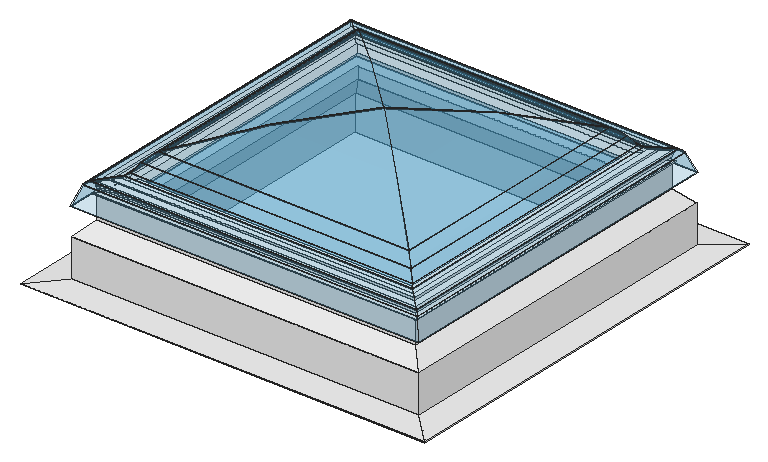
Revit family "CSP_Ver.2.5", category Windows, host Roof, Revit 2014
Parameters (values of type "CSP size 1200x1200 (120120)")
  g-value = "0.53"
  Youtube clip = ""
  Within Standard Sizes = or(and(Width = 1180.000 mm, Height = 1180.000 mm), and(Width = 1380.000 mm, Height = 1380.000 mm))  # yes
  WindowArea m² = 3.78
  Width Dome = Width - 180.000 mm  # 1200.000 mm
  Width = 1380.000 mm
  Water Tightness Class = "Passed"
  WarrantyStartDate = ""
  WarrantyGuarantorParts = ""
  WarrantyGuarantorLabour = ""
  WarrantyDurationParts = ""
  WarrantyDurationLabour = ""
  WarrantyDescription = ""
  Warranty Years = "10"
  VELUX Internal accessories = ""
  VELUX Installation products = ""
  VELUX External accessories = ""
  Ultraviolet Transmittance = "0.05"
  URL = "www.velux.com"
  ThermalTransmittance(window) W/(m²K) = 1
  ThermalTransmittance(glazing) W/(m²K) = 0.9
  ThermalTransmittance = "1"
  ThermalBridge(Installation) W/mK = 0.05
  Thermal Resistance (R) = "1"
  Technical description = "http://www.velux.co.uk/professional/products/flat-roof-windows/flat-roof-windows-dome/technical-details-smoke"
  TagNumber = ""
  SustainabilityPerformance = ""
  Specification Link = ""
  Sound Insulation db = "33"
  SmokeStop = no
  Size = "CSP size 1200x1200 (120120)"
  Shape = ""
  ServiceLifeType = ""
  ServiceLifeDuration = ""
  SerialNumber = ""
  SecurityRating = ""
  Rough Width = 0.000 mm
  Rough Height = 0.000 mm
  ReplacementCost = ""
  ReferenceStandard = "www.velux.com/ce"
  Reference = ""
  ProductionYear = ""
  Product certification = "www.velux.com/ce"
  Process = ""
  Placement Height = 0.000 mm
  PerimeterWindow m = 4.8
  Operation Mode = "0"
  Opening Lines = yes
  Opening = if(Open Window, 500.000 mm, 159.380 mm)  # 159.380 mm
  Open Window = no
  Offset from Roof = Placement Height + 600.000 mm  # 600.000 mm
  NominalWidth = "1380"
  NominalLength = ""
  NominalHeight = "1380"
  ModelReference = "CSP size 1200x1200 (120120)"
  ModelLabel = ""
  Model = "Flat roof window - CSP"
  MethodOfMeasurement = ""
  Material Internal = PVC Color NCS S 0502-Y
  Material External = Acrylic/PVC Color NCS S 0502-Y
  Material = "Acrylic/PVC Color NCS S 0502-Y"
  Manufacturer URL = "www.VELUX.com/ce"
  Manufacturer = "VELUX A/S"  # constant formula
  Light transmittance = "0.72"
  LifeCyclePhase = ""
  Labeling - Environmental impact = ""
  IsExternal = yes
  InstallationDate = ""
  Installation instructions = "http://www.velux.co.uk/professional/products/installation-instructions#Flat roof windows"
  Infiltration = ""
  Height Dome = Height - 180.000 mm  # 1200.000 mm
  Height = 1380.000 mm
  Half Width = (Width / 2) - 2.510 mm  # 687.490 mm
  Half Height = (Height / 2) - 2.510 mm  # 687.490 mm
  Grade = ""
  GlazingAreaFraction = ""
  Glazing = 73FQT + ISD 0000
  GlassArea m² = 1.57
  Function = "Smoke ventilation flat roof window"
  FireRating = "E"
  Finish = "PVC Color NCS S 0502-Y"
  Features = "Smoke ventilation flat roof window"
  Emergency Exit = 1 > 2  # no
  Dome Profile Length = if((Half Width < Half Height), Half Width, Half Height)  # 687.490 mm
  Documentation = "http://www.professional.velux.co.uk/en-GB/Documents/Technical%20Specification%20sheets/V22%20Architects%20sheets%20updated/VELUX_Architects-Flat-Roof-SmokeVent-April2014.pdf"
  DocumentReference = ""
  Disclaimer = "When installing VELUX roof windows the costumer must make sure to meet local applicable building and fire requirements. VELUX shall not be liable for the objects/drawings and the constructional quality of the installation. Please contact VELUX for technical specifications of VELUX roof windows, flashings, installations products and internal/external accessories."
  Description = "http://www.velux.co.uk/products/flat-roof-windows/flat-roof-windows-dome"
  Date of publishing = ""
  Cross Height = Opening - 73.723 mm  # 85.657 mm
  Count = "1"
  Copyright = "VELUX A/S"  # constant formula
  Constituents = ""
  Colour = "Acrylic/PVC Color NCS S 0502-Y"
  CodePerformance = ""
  BarCode = ""
  AssetIdentifier = ""
  Assembly Code = "B3020110"
  Allowed Roof Slope = "0°-15°"
  Air permeability Class = "4"
  Aerodynamic free area Aa (m2) = "0.58"
  AcousticRating = "33"
  AccessibilityPerformance = ""
  2d details = "http://www.velux.co.uk/professional/products/cad-bim/product-sectional-drawings/flat-roof-windows"
Types (2, lengths in mm): name | WindowArea m² | Width Dome | Width | Size | PerimeterWindow m | NominalWidth | NominalHeight | ModelReference | Height Dome | Height | Half Width | Half Height | GlassArea m² | Dome Profile Length | Aerodynamic free area Aa (m2)
  CSP size 1000x1000 (100100) | 2.88 | 1000.000 | 1180.000 | "CSP size 1000x1000 (100100)" | 4 | "1180" | "1180" | "CSP size 1000x1000 (100100)" | 1000.000 | 1180.000 | 587.490 | 587.490 | 1.05 | 587.490 | "0.42"
  CSP size 1200x1200 (120120) | 3.78 | 1200.000 | 1380.000 | "CSP size 1200x1200 (120120)" | 4.8 | "1380" | "1380" | "CSP size 1200x1200 (120120)" | 1200.000 | 1380.000 | 687.490 | 687.490 | 1.57 | 687.490 | "0.58"
Reference planes
  plane 1 "Center (Front/Back)": y = 0
  plane 2 "Roof": z = 4000
  plane 3 "Center (Left/Right)": x = 0
  plane 4: x = -600
  plane 5: y = 600
  plane 6: x = 600
  plane 7: y = -600
  plane 8 "Roof Top": z = 4150
  plane 9: z = 4310
  plane 10: x = -563.153
  plane 11: x = 563.153
  plane 12: z = 4392.99
  plane 13: x = -610.501
  plane 14: x = 610.501
  plane 15: x = -587.399
  plane 16: x = -595.501
  plane 17: x = 587.399
  plane 18: x = 595.501
  plane 19: x = -591.45
  plane 20: x = 591.45
  plane 21: y = 587.424
  plane 22: y = 595.501
  plane 23: y = 591.463
  plane 24: y = -587.424
  plane 25: y = -595.501
  plane 26: y = -591.463
  plane 27: z = 4478.647
  plane 28: x = -500
  plane 29: x = 100
  plane 30: x = -100
  plane 31: x = 500
  plane 32: y = 500
  plane 33: y = -500
  plane 34: y = 100
  plane 35: y = -100
  plane 36 "Placement Height": z = 4150
  plane 37: x = -690
  plane 38: x = 690
  plane 39: y = 690
  plane 40: y = -690
  plane 41: y = -600
  plane 42: z = 4416.862
  plane 43: z = 4453.38
  plane 44 "Lines": x = 429.263
  plane 45: z = 4750
  plane 46 "1": y = 537.4
  plane 47 "2": y = -537.4
  plane 48 "4": x = 537.4
  plane 49 "3": x = -537.4
  plane 50 "A": y = 519.235
  plane 51 "B": y = -519.235
  plane 52 "D": x = 519.235
  plane 53 "C": x = -519.235
Forms (mm)
  Sweep 1, solid, material "Acrylic/PVC Color NCS S 0502-Y" <- "Material External", detail levels fine
    path origin (-583.5, -142.744, 4310) x (-1, 0, 0) y (0, -1, 0)
      loop
        line (-1183.5, 457.256) -> (-1183.5, -742.744) -> (16.5, -742.744) -> (16.5, 457.256) -> (-1183.5, 457.256)
    profile origin (600, 0, 4310) x (-1, 0, 0) y (0, 0, 1)
      loop
        line (29.543, 0) -> (69.194, 82.99) -> (4.499, 82.99) -> (4.499, 157.08)
        arc (4.499, 157.08) -> (3.427, 159.378) -> (0.978, 160.035) r 3
        line (0.978, 160.035) -> (-44.675, 151.985) -> (-44.501, 150) -> (-36.501, 150) -> (-36.501, 54.661) -> (-90, 0) -> (29.543, 0)
  Sweep 2, solid, material "Acrylic/PVC Color NCS S 0502-Y" <- "Material External", detail levels fine
    path origin (-1773.7, -4572, 4150) x (-1, 0, 0) y (0, -1, 0)
      loop
        line (-1179.7, -5166) -> (-1179.7, -3978) -> (-2367.7, -3978) -> (-2367.7, -5166) -> (-1179.7, -5166)
    profile origin (0, 594, 4150) x (0, 1, 0) y (0, 0, 1)
      loop
        line (2, 160) -> (2, 0) -> (211, 0) -> (211, 3) -> (96, 9.708) -> (96, 160) -> (2, 160)
  Sweep 3, solid, material "Acrylic/PVC Color NCS S 0502-Y" <- "Material External", detail levels fine
    path origin (0, 0, 0) x (1, 0, 0) y (0, 0, 1)
      loop
        line (-563.153, 4478.647) -> (-563.153, 4460)
    profile origin (-563.153, 0, 4469.324) x (0, -1, 0) y (1, 0, 0)
      loop
        circle (0, -47.348) r 7.5
  Sweep 4, solid, material "Acrylic/PVC Color NCS S 0502-Y" <- "Material External", detail levels fine
    path origin (0, 0, 0) x (1, 0, 0) y (0, 0, 1)
      loop
        line (563.153, 4478.647) -> (563.153, 4460)
    profile origin (563.153, 0, 4469.324) x (0, -1, 0) y (1, 0, 0)
      loop
        circle (0, 47.348) r 7.5
  Sweep 5, solid, material "Acrylic/PVC Color NCS S 0502-Y" <- "Material External", detail levels medium+fine
    path origin (0, -595.501, 4392.99) x (0, 0, -1) y (-1, 0, 0)
      loop
        line (-85.657, -500) -> (0, 100)
    profile origin (200, -595.501, 4435.818) x (0.141329, 0, -0.989963) y (0, -1, 0)
      loop
        line (10, -2) -> (10, 2) -> (-10, 2) -> (-10, -2) -> (10, -2)
  Sweep 6, solid, material "Acrylic/PVC Color NCS S 0502-Y" <- "Material External", detail levels medium+fine
    path origin (0, -595.501, 4392.99) x (0, 0, -1) y (-1, 0, 0)
      loop
        line (-85.657, 100) -> (0, -500)
    profile origin (200, -595.501, 4435.818) x (0.141329, 0, 0.989963) y (0, -1, 0)
      loop
        line (10, -6) -> (10, -2) -> (-10, -2) -> (-10, -6) -> (10, -6)
  Sweep 7, solid, material "Acrylic/PVC Color NCS S 0502-Y" <- "Material External", detail levels medium+fine
    path origin (0, 595.501, 4392.99) x (0, 0, -1) y (-1, 0, 0)
      loop
        line (-85.657, -100) -> (0, 500)
    profile origin (-200, 595.501, 4435.819) x (-0.141329, 0, 0.989963) y (0, 1, 0)
      loop
        line (10, -2) -> (10, 2) -> (-10, 2) -> (-10, -2) -> (10, -2)
  Sweep 8, solid, material "Acrylic/PVC Color NCS S 0502-Y" <- "Material External", detail levels medium+fine
    path origin (0, 595.501, 4392.99) x (0, 0, -1) y (-1, 0, 0)
      loop
        line (-85.657, 500) -> (0, -100)
    profile origin (-200, 595.501, 4435.819) x (-0.141329, 0, -0.989963) y (0, 1, 0)
      loop
        line (-10, -6) -> (10, -6) -> (10, -2) -> (-10, -2) -> (-10, -6)
  Sweep 9, solid, material "Acrylic/PVC Color NCS S 0502-Y" <- "Material External", detail levels medium+fine
    path origin (-595.501, -4572, 4457.99) x (0, 0, 1) y (0, -1, 0)
      loop
        line (20.657, -4672) -> (-65, -4072)
    profile origin (-595.501, -200, 4435.819) x (0, 0.141329, -0.989963) y (1, 0, 0)
      loop
        line (-10, 2) -> (-10, -2) -> (10, -2) -> (10, 2) -> (-10, 2)
  Sweep 10, solid, material "Acrylic/PVC Color NCS S 0502-Y" <- "Material External", detail levels medium+fine
    path origin (-595.501, -4572, 4457.99) x (0, 0, 1) y (0, -1, 0)
      loop
        line (20.657, -4072) -> (-65, -4672)
    profile origin (-595.501, -200, 4435.819) x (0, 0.141329, 0.989963) y (1, 0, 0)
      loop
        line (10, 6) -> (-10, 6) -> (-10, 2) -> (10, 2) -> (10, 6)
  Sweep 11, solid, material "Acrylic/PVC Color NCS S 0502-Y" <- "Material External", detail levels medium+fine
    path origin (595.501, -4572, 4457.99) x (0, 0, 1) y (0, -1, 0)
      loop
        line (20.657, -5072) -> (-65, -4472)
    profile origin (595.501, 200, 4435.819) x (0, -0.141329, 0.989963) y (-1, 0, 0)
      loop
        line (-10, 2) -> (-10, -2) -> (10, -2) -> (10, 2) -> (-10, 2)
  Sweep 12, solid, material "Acrylic/PVC Color NCS S 0502-Y" <- "Material External", detail levels medium+fine
    path origin (595.501, -4572, 4457.99) x (0, 0, 1) y (0, -1, 0)
      loop
        line (20.657, -4472) -> (-65, -5072)
    profile origin (595.501, 200, 4435.819) x (0, -0.141329, -0.989963) y (-1, 0, 0)
      loop
        line (-10, 6) -> (-10, 2) -> (10, 2) -> (10, 6) -> (-10, 6)
  Sweep 13, solid, material "Acrylic/PVC Color NCS S 0502-Y" <- "Material External", detail levels medium
    path origin (-583.5, -142.744, 4310) x (-1, 0, 0) y (0, -1, 0)
      loop
        line (-1183.5, 457.256) -> (-1183.5, -742.744) -> (16.5, -742.744) -> (16.5, 457.256) -> (-1183.5, 457.256)
    profile origin (600, 0, 4310) x (-1, 0, 0) y (0, 0, 1)
      loop
        line (29.543, 0) -> (69.194, 82.99) -> (4.499, 82.99) -> (4.499, 160.655) -> (-36.501, 153.426) -> (-36.501, 54.661) -> (-90, 0) -> (29.543, 0)
  Sweep 14, solid, material "Acrylic/PVC Color NCS S 0502-Y" <- "Material External", detail levels coarse+medium
    path origin (-1773.7, -4572, 4150) x (-1, 0, 0) y (0, -1, 0)
      loop
        line (-1179.7, -5166) -> (-1179.7, -3978) -> (-2367.7, -3978) -> (-2367.7, -5166) -> (-1179.7, -5166)
    profile origin (0, 594, 4150) x (0, 1, 0) y (0, 0, 1)
      loop
        line (2, 160) -> (2, 0) -> (96, 0) -> (96, 160) -> (2, 160)
  Sweep 15, solid, material "Acrylic/PVC Color NCS S 0502-Y" <- "Material External", detail levels coarse
    path origin (-583.5, -142.744, 4310) x (-1, 0, 0) y (0, -1, 0)
      loop
        line (-1183.5, 457.256) -> (-1183.5, -742.744) -> (16.5, -742.744) -> (16.5, 457.256) -> (-1183.5, 457.256)
    profile origin (600, 0, 4310) x (-1, 0, 0) y (0, 0, 1)
      loop
        line (80.737, 0) -> (80.737, 143.38) -> (47.486, 143.38) -> (47.486, 167.17) -> (80.737, 167.17) -> (80.737, 205.137) -> (49.38, 205.137) -> (-36.501, 189.994) -> (-36.501, 54.661) -> (-90, 0) -> (80.737, 0)
  Extrusion 16, solid, material "73FQT + ISD 0000" <- "Glazing", detail levels coarse
    sketch origin (-692.686, -4572, 4453.38) x (-1, 0, 0) y (0, -1, 0)
      loop
        line (-1245.2, -5124.514) -> (-140.172, -5124.514) -> (-140.172, -4109.486) -> (-1245.2, -4109.486) -> (-1245.2, -5124.514)
    from 0 to 23.79
  Sweep 17, solid, material "73FQT + ISD 0000" <- "Glazing", detail levels coarse
    path origin (550.62, -550.62, 4515.137) x (0, 1, 0) y (-1, 0, 0)
      loop
        line (-49.38, 1150.62) -> (-49.38, -49.38) -> (1150.62, -49.38) -> (1150.62, 1150.62) -> (-49.38, 1150.62)
    profile origin (-600, 0, 4515.137) x (-1, 0, 0) y (0, 0, 1)
      loop
        line (96.42, -98.276) -> (69.432, -24.126)
        arc (69.432, -24.126) -> (63.494, -15.646) -> (54.111, -11.27) r 20
        line (54.111, -11.27) -> (-22.771, 2.286)
        arc (-22.771, 2.286) -> (-30.044, 5.114) -> (-35.681, 10.511) r 20
        line (-35.681, 10.511) -> (-59.756, 44.893)
        arc (-59.756, 44.893) -> (-72.91, 60.144) -> (-88.854, 72.45) r 100
        arc (-88.854, 72.45) -> (-339.848, 140.216) -> (-597.49, 175.013) r 2009.671
        line (-597.49, 175.013) -> (-597.49, 171.971)
        arc (-597.49, 171.971) -> (-340.441, 137.239) -> (-90.02, 69.641) r 2006.636
        arc (-90.02, 69.641) -> (-74.794, 57.796) -> (-62.213, 43.172) r 97
        line (-62.213, 43.172) -> (-38.138, 8.79)
        arc (-38.138, 8.79) -> (-31.656, 2.584) -> (-23.292, -0.668) r 23
        line (-23.292, -0.668) -> (53.59, -14.225)
        arc (53.59, -14.225) -> (61.566, -17.944) -> (66.613, -25.152) r 17
        line (66.613, -25.152) -> (93.228, -98.276) -> (96.42, -98.276)
  Extrusion 18, solid, material "73FQT + ISD 0000" <- "Glazing", detail levels coarse
    sketch origin (550.62, -550.62, 4515.137) x (0, 1, 0) y (-1, 0, 0)
      loop
        line (548.11, 553.13) -> (548.11, 548.11) -> (553.13, 548.11) -> (553.13, 553.13) -> (548.11, 553.13)
    from 171.971 to 175.013
Lines and regions (mm)
  Opening 1
    outline origin (0, 0, 4150) x (0, 1, 0) y (-1, 0, 0)
      loop
        line (590, 590) -> (-590, 590) -> (-590, -590) -> (590, -590) -> (590, 590)
  reference lines
    curve 1: line (837.314, 0, 4309.113) -> (-600, 0, 4309.113)
    curve 2: line (637.314, 0, 4309.113) -> (637.314, 0, 4499.375)
    curve 3: line (637.314, 0, 4000) -> (637.314, 600, 4000)
    curve 4: line (837.314, 0, 4309.113) -> (-57.38, 0, 4309.113)
    curve 5: line (500, -595.501, 4478.647) -> (-100, -595.501, 4392.99)
    curve 6: line (-100, -595.501, 4478.647) -> (500, -595.501, 4392.99)
    curve 7: line (-500, 595.501, 4478.647) -> (100, 595.501, 4392.99)
    curve 8: line (100, 595.501, 4478.647) -> (-500, 595.501, 4392.99)
    curve 9: line (-595.501, -500, 4478.647) -> (-595.501, 100, 4392.99)
    curve 10: line (-595.501, 100, 4478.647) -> (-595.501, -500, 4392.99)
    curve 11: line (595.501, 500, 4478.647) -> (595.501, -100, 4392.99)
    curve 12: line (595.501, -100, 4478.647) -> (595.501, 500, 4392.99)
  symbolic lines, visible <- "Opening Lines", detail levels coarse
    curve 13: line (519.235, 519.235, 4000) -> (-519.235, -519.235, 4000)
    curve 14: line (-519.235, 519.235, 4000) -> (519.235, -519.235, 4000)
  symbolic lines, visible <- "Opening Lines", detail levels medium+fine
    curve 15: line (-537.4, -537.4, 4000) -> (537.4, 537.4, 4000)
    curve 16: line (-537.4, 537.4, 4000) -> (537.4, -537.4, 4000)
  model lines, visible <- "Opening Lines", detail levels coarse
    curve 17: line (-519.235, 519.235, 4477.17) -> (519.235, -519.235, 4477.17)
    curve 18: line (-519.235, -519.235, 4477.17) -> (519.235, 519.235, 4477.17)
Dimensions and locks
  equal spacing: host sketch curve, plane 3 "Center (Left/Right)", host sketch curve
  equal spacing: host sketch curve, plane 1 "Center (Front/Back)", host sketch curve
  equal spacing: plane 4, plane 3 "Center (Left/Right)", plane 6
  "Width": plane 37 to plane 38
  equal spacing: plane 5, plane 1 "Center (Front/Back)", plane 7
  "Height": plane 39 to plane 40
  locked: plane 6 to curve 3 at 37.314
  locked: curve 2 to plane 6 at 37.314
  locked: host roof to plane 8 "Roof Top"
  locked: plane 4 to plane 10 at 36.847
  locked: plane 6 to plane 11 at 36.847
  locked: plane 13 to plane 4 at 10.501
  locked: plane 14 to plane 6 at 10.501
  plane 4 to plane 16 to plane 15 = 4.499 mm locked, 8.102 mm locked
  plane 6 to plane 18 to plane 17 = 4.499 mm locked, 8.102 mm locked
  equal spacing: plane 15, plane 19, plane 16
  equal spacing: plane 17, plane 20, plane 18
  plane 5 to plane 22 to plane 21 = 4.499 mm locked, 8.077 mm locked
  equal spacing: plane 22, plane 23, plane 21
  plane 24 to plane 25 to plane 7 = 8.077 mm locked, 4.499 mm locked
  equal spacing: plane 24, plane 26, plane 25
  "Cross Height": plane 27 to plane 12
  locked: plane 4 to plane 28 at 100
  locked: plane 29 to plane 3 "Center (Left/Right)" at 100
  locked: plane 3 "Center (Left/Right)" to plane 30 at 100
  locked: plane 6 to plane 31 at 100
  locked: plane 5 to plane 32 at 100
  locked: plane 33 to plane 7 at 100
  locked: plane 34 to plane 1 "Center (Front/Back)" at 100
  locked: plane 1 "Center (Front/Back)" to plane 35 at 100
  locked: plane 9 to plane 36 "Placement Height" at 160
  locked: plane 12 to plane 36 "Placement Height" at 242.99
  locked: plane 37 to plane 4 at 90
  locked: plane 6 to plane 38 at 90
  locked: plane 39 to plane 5 at 90
  locked: plane 40 to plane 7 at 90
  locked: Sweep 14 sketch curve to plane 22 at 1.501
  locked: plane 25 to Sweep 14 sketch curve at 1.501
  locked: Sweep 14 sketch curve to plane 18 at 1.501
  locked: plane 16 to Sweep 14 sketch curve at 1.501
  "Dome Profile Length": plane 37 to Sweep 17 sketch curve
  locked: Opening 1 sketch curve to plane 7 at 10
  locked: plane 5 to Opening 1 sketch curve at 10
  locked: plane 4 to Opening 1 sketch curve at 10
  locked: Opening 1 sketch curve to plane 6 at 10
  locked: Extrusion 16 sketch curve to plane 38 at 137.486
  locked: plane 37 to Extrusion 16 sketch curve at 137.486
  locked: plane 39 to Extrusion 16 sketch curve at 137.486
  locked: Extrusion 16 sketch curve to plane 41 at 137.486
  locked: plane 43 to plane 36 "Placement Height" at 303.38
  locked: plane 45 to plane 36 "Placement Height" at 600
  "Offset from Roof": plane 45 to host roof
  "Opening": nested 1 to plane 9
  locked: plane 39 to plane 46 "1" at 152.6
  locked: plane 40 to plane 47 "2" at 152.6
  locked: plane 48 "4" to plane 38 at 152.6
  locked: plane 37 to plane 49 "3" at 152.6
  locked: plane 52 "D" to plane 38 at 170.765
  locked: plane 37 to plane 53 "C" at 170.765
  locked: plane 39 to plane 50 "A" at 170.765
  locked: plane 40 to plane 51 "B" at 170.765
  aligned and locked: level to plane 2 "Roof"
  aligned and locked: plane 6 to Sweep 1 sketch curve
  aligned and locked: Sweep 1 sketch curve to plane 5
  aligned and locked: Sweep 1 sketch curve to plane 4
  aligned and locked: plane 7 to Sweep 1 sketch curve
  aligned: Sweep 2 to plane 5
  aligned: Sweep 2 to plane 7
  aligned: Sweep 2 to plane 4
  aligned: Sweep 2 to plane 6
  aligned: Sweep 2 to host roof
  aligned and locked: Sweep 3 sketch curve to plane 10
  aligned and locked: profile plane to Sweep 3 sketch curve
  aligned and locked: Sweep 4 sketch curve to plane 11
  aligned and locked: profile plane to Sweep 4 sketch curve
  aligned and locked: plane 13 to Sweep 3 sketch curve
  aligned and locked: Sweep 1 to Sweep 3 sketch curve
  aligned and locked: Sweep 1 to Sweep 4 sketch curve
  aligned and locked: plane 14 to Sweep 4 sketch curve
  aligned and locked: Sweep 5 sketch curve to curve 5
  aligned and locked: Sweep 6 sketch curve to curve 6
  aligned and locked: Sweep 7 sketch curve to curve 8
  aligned and locked: Sweep 8 sketch curve to curve 7
  aligned and locked: Sweep 9 sketch curve to curve 10
  aligned and locked: Sweep 10 sketch curve to curve 9
  aligned and locked: Sweep 11 sketch curve to curve 11
  aligned and locked: Sweep 12 sketch curve to curve 12
  aligned and locked: plane 36 "Placement Height" to Sweep 2 sketch curve
  aligned and locked: Sweep 13 sketch curve to plane 5
  aligned and locked: Sweep 13 sketch curve to plane 4
  aligned and locked: plane 6 to Sweep 13 sketch curve
  aligned and locked: Sweep 15 sketch curve to plane 4
  aligned and locked: Sweep 15 sketch curve to plane 5
  aligned and locked: plane 6 to Sweep 15 sketch curve
  aligned and locked: Extrusion 16 to Sweep 15
  aligned and locked: plane 1 "Center (Front/Back)" to nested 1
  aligned and locked: plane 7 to Sweep 15 sketch curve
  aligned and locked: plane 7 to Sweep 13 sketch curve
  aligned and locked: plane 6 to Sweep 17 sketch curve
  aligned and locked: Sweep 17 sketch curve to plane 5
  aligned and locked: Sweep 17 sketch curve to plane 4
  aligned and locked: Extrusion 18 sketch curve to Sweep 17  (x4)
  aligned and locked: plane 7 to Sweep 17 sketch curve
  aligned and locked: Extrusion 18 to Sweep 17  (x2)
  aligned and locked: plane 53 "C" to curve 18
  aligned and locked: plane 51 "B" to curve 18
  aligned and locked: plane 51 "B" to curve 17
  aligned and locked: plane 52 "D" to curve 17
Automatic sketch dimensions
  plane 4 to curve 1 = 0.000 mm
  curve 4 to plane 9 = 0.887 mm
  curve 2 to curve 4 = 200.000 mm
  plane 12 to curve 2 = 106.385 mm
  plane 1 "Center (Front/Back)" to curve 3 = 0.000 mm
  curve 3 to plane 5 = 0.000 mm
  curve 4 to plane 3 "Center (Left/Right)" = 57.380 mm
  Sweep 2 sketch curve to profile plane = 2.000 mm
  Sweep 2 sketch curve to Sweep 2 sketch curve = 94.000 mm
  Sweep 2 sketch curve to Sweep 2 sketch curve = 115.000 mm
  profile plane to Sweep 2 sketch curve = 3.000 mm
  profile plane to Sweep 2 sketch curve = 9.708 mm
  Sweep 2 sketch curve to Sweep 2 sketch curve = 150.292 mm
  curve 6 to plane 27 = 0.000 mm
  curve 5 to plane 27 = 0.000 mm
  curve 6 to plane 12 = 0.000 mm
  curve 5 to plane 12 = 0.000 mm
  plane 31 to curve 6 = 0.000 mm
  plane 31 to curve 5 = 0.000 mm
  plane 30 to curve 6 = 0.000 mm
  plane 30 to curve 5 = 0.000 mm
  curve 8 to plane 27 = 0.000 mm
  curve 7 to plane 27 = 0.000 mm
  curve 8 to plane 12 = 0.000 mm
  curve 7 to plane 12 = 0.000 mm
  curve 7 to plane 29 = 0.000 mm
  curve 8 to plane 29 = 0.000 mm
  curve 8 to plane 28 = 0.000 mm
  curve 7 to plane 28 = 0.000 mm
  curve 9 to plane 12 = 0.000 mm
  curve 10 to plane 12 = 0.000 mm
  plane 27 to curve 10 = 0.000 mm
  plane 27 to curve 9 = 0.000 mm
  curve 9 to plane 34 = 0.000 mm
  curve 10 to plane 34 = 0.000 mm
  curve 10 to plane 33 = 0.000 mm
  curve 9 to plane 33 = 0.000 mm
  curve 11 to plane 12 = 0.000 mm
  curve 12 to plane 12 = 0.000 mm
  plane 27 to curve 12 = 0.000 mm
  plane 27 to curve 11 = 0.000 mm
  curve 12 to plane 32 = 0.000 mm
  curve 11 to plane 32 = 0.000 mm
  curve 12 to plane 35 = 0.000 mm
  curve 11 to plane 35 = 0.000 mm
  Sweep 5 sketch curve to plane 27 = 0.000 mm
  Sweep 5 sketch curve to plane 12 = 0.000 mm
  plane 25 to Sweep 5 sketch curve = 2.000 mm
  profile plane to Sweep 5 sketch curve = 10.000 mm
  Sweep 5 sketch curve to profile plane = 10.000 mm
  Sweep 5 sketch curve to plane 25 = 2.000 mm
  Sweep 6 sketch curve to plane 27 = 0.000 mm
  Sweep 6 sketch curve to plane 12 = 0.000 mm
  Sweep 6 sketch curve to plane 25 = 2.000 mm
  profile plane to Sweep 6 sketch curve = 10.000 mm
  Sweep 6 sketch curve to profile plane = 10.000 mm
  Sweep 6 sketch curve to Sweep 6 sketch curve = 4.000 mm
  Sweep 7 sketch curve to plane 27 = 0.000 mm
  Sweep 7 sketch curve to plane 12 = 0.000 mm
  profile plane to Sweep 7 sketch curve = 10.000 mm
  plane 22 to Sweep 7 sketch curve = 2.000 mm
  Sweep 7 sketch curve to profile plane = 10.000 mm
  Sweep 7 sketch curve to plane 22 = 2.000 mm
  Sweep 8 sketch curve to plane 27 = 0.000 mm
  Sweep 8 sketch curve to plane 12 = 0.000 mm
  profile plane to Sweep 8 sketch curve = 10.000 mm
  Sweep 8 sketch curve to profile plane = 10.000 mm
  Sweep 8 sketch curve to plane 22 = 2.000 mm
  Sweep 8 sketch curve to Sweep 8 sketch curve = 4.000 mm
  Sweep 9 sketch curve to plane 12 = 0.000 mm
  plane 27 to Sweep 9 sketch curve = 0.000 mm
  profile plane to Sweep 9 sketch curve = 10.000 mm
  plane 16 to Sweep 9 sketch curve = 2.000 mm
  Sweep 9 sketch curve to profile plane = 10.000 mm
  Sweep 9 sketch curve to plane 16 = 2.000 mm
  Sweep 10 sketch curve to plane 12 = 0.000 mm
  plane 27 to Sweep 10 sketch curve = 0.000 mm
  plane 16 to Sweep 10 sketch curve = 2.000 mm
  profile plane to Sweep 10 sketch curve = 10.000 mm
  Sweep 10 sketch curve to profile plane = 10.000 mm
  Sweep 10 sketch curve to Sweep 10 sketch curve = 4.000 mm
  Sweep 11 sketch curve to plane 12 = 0.000 mm
  plane 27 to Sweep 11 sketch curve = 0.000 mm
  profile plane to Sweep 11 sketch curve = 10.000 mm
  Sweep 11 sketch curve to plane 18 = 2.000 mm
  plane 18 to Sweep 11 sketch curve = 2.000 mm
  Sweep 11 sketch curve to profile plane = 10.000 mm
  Sweep 12 sketch curve to plane 12 = 0.000 mm
  plane 27 to Sweep 12 sketch curve = 0.000 mm
  Sweep 12 sketch curve to profile plane = 10.000 mm
  plane 18 to Sweep 12 sketch curve = 2.000 mm
  Sweep 12 sketch curve to Sweep 12 sketch curve = 4.000 mm
  profile plane to Sweep 12 sketch curve = 10.000 mm
  plane 18 to Sweep 2 sketch curve = 1.501 mm
  plane 16 to Sweep 2 sketch curve = 1.501 mm
  Sweep 2 sketch curve to plane 22 = 1.501 mm
  Sweep 2 sketch curve to plane 25 = 1.501 mm
  Sweep 14 sketch curve to profile plane = 2.000 mm
  plane 36 "Placement Height" to Sweep 14 sketch curve = 0.000 mm
  Sweep 14 sketch curve to Sweep 14 sketch curve = 94.000 mm
  plane 36 "Placement Height" to Sweep 14 sketch curve = 160.000 mm
  Sweep 1 sketch curve to profile plane = 0.000 mm
  profile plane to Sweep 1 sketch curve = 90.000 mm
  profile plane to Sweep 1 sketch curve = 44.675 mm
  Sweep 1 sketch curve to Sweep 1 sketch curve = 0.174 mm
  profile plane to Sweep 1 sketch curve = 36.501 mm
  Sweep 1 sketch curve to profile plane = 0.978 mm
  Sweep 1 sketch curve to profile plane = 1.499 mm
  Sweep 1 sketch curve to profile plane = 4.499 mm
  Sweep 1 sketch curve to profile plane = 29.543 mm
  Sweep 1 sketch curve to Sweep 1 sketch curve = 64.695 mm
  profile plane to Sweep 1 sketch curve = 54.661 mm
  Sweep 1 sketch curve to Sweep 1 sketch curve = 28.329 mm
  Sweep 1 sketch curve to Sweep 1 sketch curve = 67.010 mm
  Sweep 1 sketch curve to Sweep 1 sketch curve = 1.985 mm
  Sweep 1 sketch curve to Sweep 1 sketch curve = 7.080 mm
  Sweep 3 sketch curve to plane 27 = 0.000 mm
  Sweep 4 sketch curve to plane 27 = 0.000 mm
  Sweep 13 sketch curve to plane 9 = 0.000 mm
  profile plane to Sweep 13 sketch curve = 90.000 mm
  profile plane to Sweep 13 sketch curve = 36.501 mm
  Sweep 13 sketch curve to profile plane = 4.499 mm
  Sweep 13 sketch curve to profile plane = 29.543 mm
  Sweep 13 sketch curve to Sweep 13 sketch curve = 64.695 mm
  plane 9 to Sweep 13 sketch curve = 54.661 mm
  plane 9 to Sweep 13 sketch curve = 82.990 mm
  Sweep 13 sketch curve to Sweep 13 sketch curve = 70.436 mm
  Sweep 13 sketch curve to Sweep 13 sketch curve = 7.229 mm
  Sweep 15 sketch curve to plane 9 = 0.000 mm
  profile plane to Sweep 15 sketch curve = 90.000 mm
  profile plane to Sweep 15 sketch curve = 36.501 mm
  Sweep 15 sketch curve to profile plane = 47.486 mm
  Sweep 15 sketch curve to Sweep 15 sketch curve = 1.894 mm
  Sweep 15 sketch curve to Sweep 15 sketch curve = 33.251 mm
  Sweep 15 sketch curve to Sweep 15 sketch curve = 0.000 mm
  plane 9 to Sweep 15 sketch curve = 54.661 mm
  plane 9 to Sweep 15 sketch curve = 143.380 mm
  Sweep 15 sketch curve to Sweep 15 sketch curve = 23.790 mm
  Sweep 15 sketch curve to Sweep 15 sketch curve = 22.824 mm
  Sweep 15 sketch curve to Sweep 15 sketch curve = 37.968 mm
  Sweep 17 sketch curve to Sweep 15 = 49.380 mm
  Sweep 17 sketch curve to Sweep 17 sketch curve = 0.000 mm  (x8)
  profile plane to Sweep 17 sketch curve = 737.091 mm
  Sweep 17 sketch curve to profile plane = 12.464 mm
  profile plane to Sweep 17 sketch curve = 141.671 mm
  profile plane to Sweep 17 sketch curve = 62.213 mm
  Sweep 17 sketch curve to Sweep 17 sketch curve = 2.457 mm  (x2)
  profile plane to Sweep 17 sketch curve = 8.790 mm
  profile plane to Sweep 17 sketch curve = 38.138 mm
  profile plane to Sweep 17 sketch curve = 10.511 mm
  Sweep 17 sketch curve to profile plane = 0.668 mm
  Sweep 17 sketch curve to Sweep 17 sketch curve = 12.389 mm
  profile plane to Sweep 17 sketch curve = 2.286 mm
  profile plane to Sweep 17 sketch curve = 19.298 mm
  Sweep 17 sketch curve to profile plane = 50.638 mm
  Sweep 17 sketch curve to profile plane = 14.225 mm
  Sweep 17 sketch curve to Sweep 17 sketch curve = 2.952 mm
  Sweep 17 sketch curve to profile plane = 11.270 mm
  Sweep 17 sketch curve to Sweep 17 sketch curve = 0.521 mm
  Sweep 17 sketch curve to profile plane = 25.152 mm
  Sweep 17 sketch curve to Sweep 17 sketch curve = 15.975 mm
  Sweep 17 sketch curve to profile plane = 24.126 mm
  Sweep 17 sketch curve to Sweep 17 sketch curve = 26.615 mm
  Sweep 17 sketch curve to Sweep 17 sketch curve = 3.193 mm
  Sweep 17 sketch curve to Sweep 17 sketch curve = 73.123 mm
  Sweep 17 sketch curve to Sweep 17 sketch curve = 34.383 mm
  Sweep 17 sketch curve to Sweep 17 sketch curve = 1.721 mm
  profile plane to Sweep 17 sketch curve = 171.971 mm
  Sweep 17 sketch curve to Sweep 17 sketch curve = 3.042 mm
  Sweep 17 sketch curve to Sweep 17 sketch curve = 1.166 mm
  plane 47 "2" to curve 15 = 0.000 mm
  curve 15 to plane 49 "3" = 0.000 mm
  curve 16 to plane 46 "1" = 0.000 mm
  curve 16 to plane 49 "3" = 0.000 mm
  curve 14 to plane 50 "A" = 0.000 mm
  curve 14 to plane 53 "C" = 0.000 mm
  plane 51 "B" to curve 13 = 0.000 mm
  curve 13 to plane 53 "C" = 0.000 mm
  plane 51 "B" to curve 14 = 0.000 mm
  curve 14 to plane 52 "D" = 0.000 mm
  curve 13 to plane 50 "A" = 0.000 mm
  curve 13 to plane 52 "D" = 0.000 mm
  plane 47 "2" to curve 16 = 0.000 mm
  curve 16 to plane 48 "4" = 0.000 mm
  curve 15 to plane 46 "1" = 0.000 mm
  curve 15 to plane 48 "4" = 0.000 mm
  curve 18 to Extrusion 16 = 33.279 mm  (x2)
  curve 17 to Extrusion 16 = 33.279 mm  (x2)
  radius of Sweep 3 sketch curve = 7.500 mm
  radius of Sweep 4 sketch curve = 7.500 mm
Nested families
  nested 1: "CVP v.22_Openable" at (0, 0, 4309.68), type "CVP v.22_Openable"
    with Width 1200.000 mm, Height 1200.000 mm, Half Width 597.490 mm, Half Height 597.490 mm, Dome Profile Length Addition 673.400 mm, Dome Profile Length 597.490 mm
Definition of nested family "CVP v.22_Openable"
  Parameters (values of type "CVP v.22_Openable")
    Width = 1000.000 mm
    Rough Width = 0.000 mm
    Rough Height = 0.000 mm
    Opening Lines = yes
    Material Internal = PVC Color NCS S 0502-Y
    Height = 1000.000 mm
    Half Width = (Width / 2) - 2.510 mm  # 497.490 mm
    Half Height = (Height / 2) - 2.510 mm  # 497.490 mm
    Glazing = 73FQT + ISD 0000
    Dome Profile Length Addition = Dome Profile Length + 75.910 mm  # 573.400 mm
    Dome Profile Length = if((Half Width < Half Height), Half Width, Half Height)  # 497.490 mm
    Construction Type = "0"
    Angle = 0.00000°
    Analytic Construction = "<None>"
  Reference planes
    plane 1 "Center (Front/Back)": y = 0
    plane 2: z = 0
    plane 3 "Center (Left/Right)": x = 0
    plane 4: x = -500
    plane 5: x = 500
    plane 6: z = 159.7
    plane 7: x = 575.91
    plane 8: y = 687.506
    plane 9: y = -687.506
  Forms (mm)
    Sweep 1, solid, material "73FQT + ISD 0000" <- "Glazing", detail levels medium+fine
      path origin (575.91, 0, 159.7) x (-1, 0, 0) y (0, -1, 0)
        loop
          line (75.91, 500) -> (75.91, -500) -> (1075.91, -500) -> (1075.91, 500) -> (75.91, 500)
      profile origin (500, 0, 159.7) x (-1, 0, 0) y (0, 0, 1)
        loop
          line (-94.525, -52.518) -> (-91.331, -52.518) -> (-64.762, 20.284)
          arc (-64.762, 20.284) -> (-59.713, 27.484) -> (-51.742, 31.197) r 17
          line (-51.742, 31.197) -> (25.139, 44.744)
          arc (25.139, 44.744) -> (33.521, 48.007) -> (40.011, 54.236) r 23
          line (40.011, 54.236) -> (63.884, 88.456)
          arc (63.884, 88.456) -> (81.451, 107.565) -> (103.456, 121.332) r 97
          line (103.456, 121.332) -> (102.219, 124.065)
          arc (102.219, 124.065) -> (79.534, 109.873) -> (61.424, 90.172) r 100
          line (61.424, 90.172) -> (37.55, 55.952)
          arc (37.55, 55.952) -> (31.907, 50.536) -> (24.618, 47.699) r 20
          line (24.618, 47.699) -> (-52.263, 34.152)
          arc (-52.263, 34.152) -> (-61.641, 29.783) -> (-67.58, 21.312) r 20
          line (-67.58, 21.312) -> (-94.525, -52.518)
    Sweep 2, solid, material "73FQT + ISD 0000" <- "Glazing", detail levels medium+fine
      path origin (575.91, 0, 159.7) x (-1, 0, 0) y (0, -1, 0)
        loop
          line (75.91, 500) -> (75.91, -500) -> (1075.91, -500) -> (1075.91, 500) -> (75.91, 500)
      profile origin (500, 0, 159.7) x (-1, 0, 0) y (0, 0, 1)
        loop
          arc (497.49, 228.198) -> (296.738, 187.96) -> (102.219, 124.065) r 1713.484
          line (102.219, 124.065) -> (103.457, 121.329)
          arc (103.457, 121.329) -> (297.37, 185.025) -> (497.49, 225.169) r 1710.484
          line (497.49, 225.169) -> (497.49, 228.198)
    Sweep 3, solid, material "PVC Color NCS S 0502-Y" <- "Material Internal", detail levels fine
      path origin (575.91, 0, 159.7) x (-1, 0, 0) y (0, -1, 0)
        loop
          line (75.91, 500) -> (75.91, -500) -> (1075.91, -500) -> (1075.91, 500) -> (75.91, 500)
      profile origin (500, 0, 159.7) x (1, 0, 0) y (0, 0, 1)
        loop
          line (35.03, 30.869) -> (11.099, 35.088) -> (9.015, 23.271) -> (0.152, 24.833) -> (2.236, 36.651) -> (-14.211, 39.551) -> (-16.289, 27.763) -> (-53.779, 34.374) -> (-62.6, 11.393) -> (-36.6, 11.393) -> (-36.6, -20.207) -> (-80.735, -20.207) -> (-75.27, -72.207) -> (-55.1, -72.207) -> (-55.1, -63.407) -> (-21.1, -63.407) -> (-21.1, -44.907) -> (-12.6, -44.907) -> (-12.6, 7.79) -> (-2.601, 16.18) -> (36.603, 9.267) -> (38.166, 18.131) -> (20.833, 21.187) -> (21.701, 26.111) -> (37.029, 23.408) -> (35.03, 30.869)
    Sweep 4, solid, material "PVC Color NCS S 0502-Y" <- "Material Internal", detail levels medium
      path origin (575.91, 0, 159.7) x (-1, 0, 0) y (0, -1, 0)
        loop
          line (1075.91, -500) -> (1075.91, 500) -> (75.91, 500) -> (75.91, -500) -> (1075.91, -500)
      profile origin (500, 0, 159.7) x (1, 0, 0) y (0, 0, 1)
        loop
          line (-36.6, -20.207) -> (-80.735, -20.207) -> (-75.27, -72.207) -> (-12.6, -72.207) -> (-12.6, 17.943) -> (36.603, 9.267) -> (40.249, 29.948) -> (-49.409, 45.758) -> (-62.6, 11.393) -> (-36.6, 11.393) -> (-36.6, -20.207)
    Extrusion 5, solid, material "73FQT + ISD 0000" <- "Glazing", detail levels fine
      sketch origin (575.91, 0, 159.7) x (-1, 0, 0) y (0, -1, 0)
        loop
          line (1075.91, 500) -> (75.91, 500) -> (75.91, -500) -> (1075.91, -500) -> (1075.91, 500)
      from -16 to -12
    Extrusion 6, solid, material "73FQT + ISD 0000" <- "Glazing", detail levels fine
      sketch origin (575.91, 0, 159.7) x (-1, 0, 0) y (0, -1, 0)
        loop
          line (1075.91, 500) -> (75.91, 500) -> (75.91, -500) -> (1075.91, -500) -> (1075.91, 500)
      from 4 to 8
    Extrusion 7, solid, material "73FQT + ISD 0000" <- "Glazing", detail levels medium
      sketch origin (575.91, 0, 159.7) x (-1, 0, 0) y (0, -1, 0)
        loop
          line (1075.91, 500) -> (75.91, 500) -> (75.91, -500) -> (1075.91, -500) -> (1075.91, 500)
      from -16 to 8
    Extrusion 8, solid, material "73FQT + ISD 0000" <- "Glazing", detail levels medium+fine
      sketch origin (575.91, 0, 159.7) x (-1, 0, 0) y (0, -1, 0)
        loop
          line (578.42, -2.51) -> (578.42, 2.51) -> (573.4, 2.51) -> (573.4, -2.51) -> (578.42, -2.51)
      from 225.169 to 228.198
    Sweep 9, void
      path origin (575.91, 0, 159.7) x (-1, 0, 0) y (0, -1, 0)
        loop
          line (1075.91, 500) -> (75.91, 500) -> (75.91, -500) -> (1075.91, -500) -> (1075.91, 500)
      profile origin (500, 0, 159.7) x (-1, 0, 0) y (0, 0, 1)
        loop
          line (0, -16) -> (47.5, -16) -> (47.5, 8) -> (0, 8) -> (0, -16)
  Cuts and joins
    Sweep 9 cuts Extrusion 5
    Sweep 9 cuts Extrusion 7
    Sweep 9 cuts Extrusion 6
  Lines and regions (mm)
    reference lines
      curve 1: line (575.91, 0, 159.7) -> (-924.09, 0, 159.7)
      curve 2: line (575.91, 0, 159.7) -> (575.91, 0, 999.7)
      curve 3: line (575.91, 0, 999.7) -> (2.51, 0, 999.7)
    model lines, visible <- "Opening Lines", detail levels medium+fine
      curve 4: line (437.4, 437.4, 167.7) -> (-437.4, -437.4, 167.7)
      curve 5: line (-437.4, 437.4, 167.7) -> (437.4, -437.4, 167.7)
  Dimensions and locks
    equal spacing: plane 4, plane 3 "Center (Left/Right)", plane 5
    "Height": plane 4 to plane 5
    locked: plane 6 to level at 159.7
    "Dome Profile Length Addition": curve 3 to curve 3
    locked: plane 5 to plane 7 at 75.91
    equal spacing: Sweep 1 sketch curve, curve 1, Sweep 1 sketch curve
    "Width": Sweep 1 sketch curve to Sweep 1 sketch curve
    locked: Sweep 1 sketch curve to curve 2 at 75.91
    "Height": Sweep 1 sketch curve to Sweep 1 sketch curve
    equal spacing: Sweep 2 sketch curve, curve 1, Sweep 2 sketch curve
    "Width": Sweep 2 sketch curve to Sweep 2 sketch curve
    "Height": Sweep 2 sketch curve to Sweep 2 sketch curve
    locked: Sweep 2 sketch curve to curve 2 at 75.91
    equal spacing: Sweep 3 sketch curve, curve 1, Sweep 3 sketch curve
    "Width": Sweep 3 sketch curve to Sweep 3 sketch curve
    locked: Sweep 3 sketch curve to curve 2 at 75.91
    "Height": Sweep 3 sketch curve to Sweep 3 sketch curve
    equal spacing: Sweep 4 sketch curve, curve 1, Sweep 4 sketch curve
    "Width": Sweep 4 sketch curve to Sweep 4 sketch curve
    locked: Sweep 4 sketch curve to curve 2 at 75.91
    "Height": Sweep 4 sketch curve to Sweep 4 sketch curve
    equal spacing: Extrusion 5 sketch curve, curve 1, Extrusion 5 sketch curve
    "Width": Extrusion 5 sketch curve to Extrusion 5 sketch curve
    locked: Extrusion 5 sketch curve to curve 2 at 75.91
    "Height": Extrusion 5 sketch curve to Extrusion 5 sketch curve
    equal spacing: Extrusion 6 sketch curve, curve 1, Extrusion 6 sketch curve
    "Width": Extrusion 6 sketch curve to Extrusion 6 sketch curve
    locked: Extrusion 6 sketch curve to curve 2 at 75.91
    "Height": Extrusion 6 sketch curve to Extrusion 6 sketch curve
    equal spacing: Extrusion 7 sketch curve, curve 1, Extrusion 7 sketch curve
    "Width": Extrusion 7 sketch curve to Extrusion 7 sketch curve
    locked: Extrusion 7 sketch curve to curve 2 at 75.91
    "Height": Extrusion 7 sketch curve to Extrusion 7 sketch curve
    equal spacing: Sweep 9 sketch curve, curve 1, Sweep 9 sketch curve
    "Width": Sweep 9 sketch curve to Sweep 9 sketch curve
    locked: Sweep 9 sketch curve to curve 2 at 75.91
    "Height": Sweep 9 sketch curve to Sweep 9 sketch curve
    locked: profile plane to Sweep 1 sketch curve at 14.455
    locked: profile plane to Sweep 1 sketch curve at 67.395
    locked: profile plane to Sweep 1 sketch curve at 32.955
    locked: Sweep 1 sketch curve to profile plane at 48.792
    locked: profile plane to Sweep 1 sketch curve at 21.148
    locked: profile plane to Sweep 1 sketch curve at 143.438
    "Dome Profile Length Addition": curve 2 to Sweep 2 sketch curve
    "Angle": angle curve 1 to plane 6
    aligned and locked: plane 7 to curve 1
    aligned and locked: plane 6 to curve 1
    aligned and locked: Extrusion 8 sketch curve to Sweep 2  (x4)
    aligned and locked: Sweep 2 sketch curve to Sweep 1
    aligned and locked: Extrusion 8 to Sweep 2  (x2)
  Automatic sketch dimensions
    Sweep 1 sketch curve to Sweep 1 sketch curve = 0.000 mm  (x6)
    Sweep 1 sketch curve to Sweep 1 sketch curve = 2.950 mm
    Sweep 1 sketch curve to Sweep 1 sketch curve = 15.838 mm
    Sweep 1 sketch curve to profile plane = 52.518 mm
    Sweep 1 sketch curve to Sweep 1 sketch curve = 26.945 mm
    Sweep 1 sketch curve to Sweep 1 sketch curve = 3.991 mm
    Sweep 1 sketch curve to Sweep 1 sketch curve = 12.412 mm
    Sweep 1 sketch curve to Sweep 1 sketch curve = 2.460 mm  (x2)
    Sweep 1 sketch curve to Sweep 1 sketch curve = 23.874 mm
    Sweep 1 sketch curve to Sweep 1 sketch curve = 38.335 mm
    Sweep 1 sketch curve to Sweep 1 sketch curve = 1.237 mm
    Sweep 1 sketch curve to Sweep 1 sketch curve = 6.857 mm
    Sweep 1 sketch curve to Sweep 1 sketch curve = 16.742 mm
    Sweep 1 sketch curve to Sweep 1 sketch curve = 22.651 mm
    Sweep 1 sketch curve to Sweep 1 sketch curve = 1.717 mm
    Sweep 1 sketch curve to Sweep 1 sketch curve = 34.220 mm
    Sweep 1 sketch curve to Sweep 1 sketch curve = 2.733 mm
    Sweep 1 sketch curve to Sweep 1 sketch curve = 0.521 mm  (x2)
    Sweep 1 sketch curve to Sweep 1 sketch curve = 2.818 mm
    Sweep 1 sketch curve to Sweep 1 sketch curve = 3.194 mm
    profile plane to Sweep 3 sketch curve = 80.735 mm
    Sweep 3 sketch curve to profile plane = 72.207 mm
    Sweep 3 sketch curve to Sweep 3 sketch curve = 5.465 mm
    Sweep 3 sketch curve to Sweep 3 sketch curve = 18.135 mm
    Sweep 3 sketch curve to Sweep 3 sketch curve = 20.170 mm
    Sweep 3 sketch curve to Sweep 3 sketch curve = 8.821 mm
    Sweep 3 sketch curve to Sweep 3 sketch curve = 26.000 mm
    Sweep 3 sketch curve to Sweep 3 sketch curve = 15.500 mm
    Sweep 3 sketch curve to Sweep 3 sketch curve = 20.311 mm
    Sweep 3 sketch curve to Sweep 3 sketch curve = 2.079 mm
    Sweep 3 sketch curve to Sweep 3 sketch curve = 8.500 mm
    Sweep 3 sketch curve to Sweep 3 sketch curve = 9.999 mm
    Sweep 3 sketch curve to Sweep 3 sketch curve = 2.753 mm
    Sweep 3 sketch curve to Sweep 3 sketch curve = 2.084 mm  (x2)
    Sweep 3 sketch curve to Sweep 3 sketch curve = 8.864 mm
    Sweep 3 sketch curve to Sweep 3 sketch curve = 8.863 mm  (x2)
    Sweep 3 sketch curve to Sweep 3 sketch curve = 11.817 mm
    Sweep 3 sketch curve to Sweep 3 sketch curve = 0.868 mm
    Sweep 3 sketch curve to Sweep 3 sketch curve = 13.329 mm
    Sweep 3 sketch curve to Sweep 3 sketch curve = 15.770 mm
    Sweep 3 sketch curve to Sweep 3 sketch curve = 1.999 mm
    Sweep 3 sketch curve to Sweep 3 sketch curve = 1.137 mm
    Sweep 3 sketch curve to Sweep 3 sketch curve = 8.800 mm
    Sweep 3 sketch curve to Sweep 3 sketch curve = 18.500 mm
    Sweep 3 sketch curve to Sweep 3 sketch curve = 43.200 mm
    Sweep 3 sketch curve to Sweep 3 sketch curve = 27.997 mm
    Sweep 3 sketch curve to Sweep 3 sketch curve = 3.603 mm
    Sweep 3 sketch curve to Sweep 3 sketch curve = 8.390 mm
    Sweep 3 sketch curve to Sweep 3 sketch curve = 3.056 mm
    Sweep 3 sketch curve to Sweep 3 sketch curve = 5.278 mm
    Sweep 3 sketch curve to Sweep 3 sketch curve = 1.563 mm  (x2)
    Sweep 3 sketch curve to Sweep 3 sketch curve = 4.924 mm
    Sweep 3 sketch curve to Sweep 3 sketch curve = 2.930 mm
    Sweep 3 sketch curve to Sweep 3 sketch curve = 7.460 mm
    Sweep 3 sketch curve to Sweep 3 sketch curve = 22.981 mm
    Sweep 3 sketch curve to Sweep 3 sketch curve = 11.818 mm
    Sweep 3 sketch curve to Sweep 3 sketch curve = 11.788 mm
    profile plane to Sweep 3 sketch curve = 9.267 mm
    profile plane to Sweep 4 sketch curve = 80.735 mm
    Sweep 4 sketch curve to Sweep 4 sketch curve = 5.465 mm
    Sweep 4 sketch curve to Sweep 4 sketch curve = 18.135 mm
    Sweep 4 sketch curve to Sweep 4 sketch curve = 13.191 mm
    Sweep 4 sketch curve to Sweep 4 sketch curve = 26.000 mm
    Sweep 4 sketch curve to Sweep 4 sketch curve = 24.000 mm
    Sweep 4 sketch curve to Sweep 4 sketch curve = 3.647 mm
    Sweep 4 sketch curve to profile plane = 72.207 mm
    Sweep 4 sketch curve to Sweep 4 sketch curve = 52.000 mm
    Sweep 4 sketch curve to Sweep 4 sketch curve = 29.474 mm
    Sweep 4 sketch curve to Sweep 4 sketch curve = 31.600 mm
    Sweep 4 sketch curve to Sweep 4 sketch curve = 6.550 mm
    Sweep 4 sketch curve to Sweep 4 sketch curve = 20.680 mm
    Sweep 4 sketch curve to Sweep 4 sketch curve = 34.365 mm
    Sweep 4 sketch curve to profile plane = 36.603 mm
    Sweep 9 sketch curve to profile plane = 0.000 mm
    profile plane to Sweep 9 sketch curve = 8.000 mm
    Sweep 9 sketch curve to profile plane = 47.500 mm
    Sweep 9 sketch curve to profile plane = 16.000 mm
    curve 5 to Extrusion 7 = 62.600 mm  (x4)
    curve 4 to Extrusion 7 = 62.600 mm  (x4)
    curve 2 to curve 1 = 0.000 mm  (x2)
    curve 2 to curve 1 = 840.000 mm
    Sweep 2 sketch curve to Sweep 2 sketch curve = 0.000 mm  (x2)
    Sweep 2 sketch curve to profile plane = 103.457 mm
    Sweep 2 sketch curve to Sweep 2 sketch curve = 1.238 mm
    Sweep 2 sketch curve to profile plane = 733.254 mm
    Sweep 2 sketch curve to profile plane = 1468.989 mm
